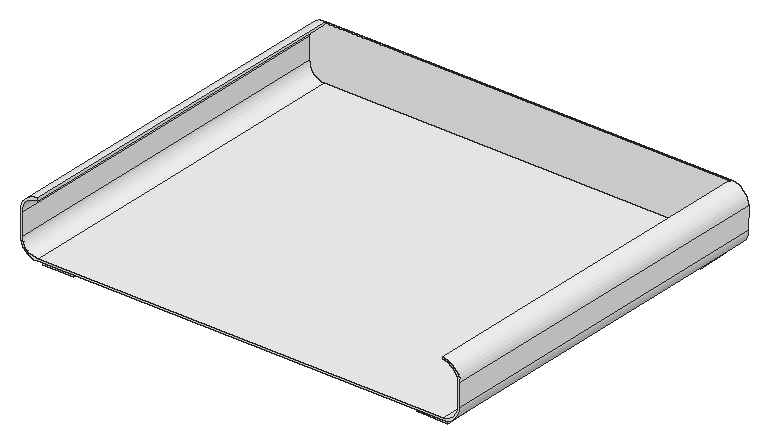
Revit family "Accessories-Teknion-JNAMT-Tray_Module-R2015", category Furniture, Revit 2015
Parameters (values of type "Letter")
  Warranty = "http://www.teknion.com/ca/papers/legal-canada"
  Unit Weight URL = "http://www.teknion.com/ca/tools/assets#&asset=bee6a381-b954-425e-8283-5a2de3a804f2,f828d448-4b62-4231-9e5f-9a8991c0ed77"
  URL = "www.teknion.com"
  Sustainability Data = "http://www.teknion.com/ca/tools/assets#&topic=216f99a5-57a0-44fc-b10a-9dee9b29ae4c&asset=444deb64-fe58-4b68-981e-f75e97781df7"
  Series = "Expansion Cityline"  # constant formula
  Product Page URL = "http://www.teknion.com/ca/products/product-details?productlineid=9ad2a26e-8e7a-673b-a6c8-ff05004460c4"
  Product Line = "Expansion Cityline"  # constant formula
  Product Documentation Link = "http://www.teknion.com/pricing/expansion-cityline/pdfs/JNAMT_ppg.pdf"
  Part Number = "JNAMT"  # constant formula
  Model = "JANMTL"  # constant formula
  Manufacturer Phone = "416-661-3370"  # constant formula
  Manufacturer Fax = "416.661.4586"  # constant formula
  Manufacturer Contact Information = "http://www.teknion.com/ca/contactus"
  Manufacturer Address = "1150 Flint Road, Toronto, ON. M3J 2J5. Canada"  # constant formula
  Manufacturer = "Teknion"  # constant formula
  Description = "Tray Module"  # constant formula
  Default Elevation = 48.000"
  Assembly Code = "E2020200"
  Accessory Finish [instance] = Mica - Teknion - V - Satin - Very White
Reference planes (in)
  plane 1 "Center Front/Back": y = 0
  plane 2: z = 0
  plane 3 "Center Left/Right": x = 0
  plane 4 "Left": x = -6.39764
  plane 5 "Right": x = 6.39764
  plane 6 "Back": y = 5.25
  plane 7 "Front": y = -5.25
  plane 8 "Top": z = 1.8189
  plane 9: x = -6.33858
  plane 10: x = 6.33858
  plane 11: z = 0.17717
  plane 12: z = 0.23622
  plane 13: y = 5.19094
Forms (in)
  Extrusion 1, solid, material "Mica - Teknion - V - Satin - Very White" <- "Accessory Finish"
    sketch origin (0, 0, 0) x (1, 0, 0) y (0, 0, 1)
      loop
        line (-6.39764, 1.3189) -> (-6.39764, 0.67717)
        arc (-6.39764, 0.67717) -> (-6.25119, 0.32361) -> (-5.89764, 0.17717) r 0.5
        line (-5.89764, 0.17717) -> (5.89764, 0.17717)
        arc (5.89764, 0.17717) -> (6.25119, 0.32361) -> (6.39764, 0.67717) r 0.5
        line (6.39764, 0.67717) -> (6.39764, 1.3189)
        arc (6.39764, 1.3189) -> (6.25119, 1.67245) -> (5.89764, 1.8189) r 0.5
        line (5.89764, 1.8189) -> (5.89764, 1.75984)
        arc (5.89764, 1.75984) -> (6.20943, 1.63069) -> (6.33858, 1.3189) r 0.44094
        line (6.33858, 1.3189) -> (6.33858, 0.67717)
        arc (6.33858, 0.67717) -> (6.20943, 0.36537) -> (5.89764, 0.23622) r 0.44094
        line (5.89764, 0.23622) -> (-5.89764, 0.23622)
        arc (-5.89764, 0.23622) -> (-6.20943, 0.36537) -> (-6.33858, 0.67717) r 0.44094
        line (-6.33858, 0.67717) -> (-6.33858, 1.3189)
        arc (-6.33858, 1.3189) -> (-6.20943, 1.63069) -> (-5.89764, 1.75984) r 0.44094
        line (-5.89764, 1.75984) -> (-5.89764, 1.8189)
        arc (-5.89764, 1.8189) -> (-6.25119, 1.67245) -> (-6.39764, 1.3189) r 0.5
    from -5.25 to 5.25
  Extrusion 2, solid, material "Mica - Teknion - V - Satin - Very White" <- "Accessory Finish"
    sketch origin (0, 0, 0) x (1, 0, 0) y (0, 1, 0)
      loop
        line (-5.89764, 5.05315) -> (-5.89764, 4.14764) -> (-4.99213, 4.14764) -> (-4.99213, 5.05315) -> (-5.89764, 5.05315)
      loop
        line (4.99213, 5.05315) -> (4.99213, 4.14764) -> (5.89764, 4.14764) -> (5.89764, 5.05315) -> (4.99213, 5.05315)
      loop
        line (4.99213, -4.14764) -> (4.99213, -5.05315) -> (5.89764, -5.05315) -> (5.89764, -4.14764) -> (4.99213, -4.14764)
      loop
        line (-5.89764, -4.14764) -> (-5.89764, -5.05315) -> (-4.99213, -5.05315) -> (-4.99213, -4.14764) -> (-5.89764, -4.14764)
    from 0 to 0.17717
  Extrusion 3, solid, material "Mica - Teknion - V - Satin - Very White" <- "Accessory Finish"
    sketch origin (-64.19161, 5.25, 48) x (-1, 0, 0) y (0, 0, 1)
      loop
        line (-70.08924, -46.1811) -> (-70.08924, -46.24016)
        arc (-70.08924, -46.24016) -> (-70.40104, -46.36931) -> (-70.53019, -46.6811) r 0.44094
        line (-70.53019, -46.6811) -> (-70.53019, -47.32283)
        arc (-70.53019, -47.32283) -> (-70.40104, -47.63463) -> (-70.08924, -47.76378) r 0.44094
        line (-70.08924, -47.76378) -> (-58.29397, -47.76378)
        arc (-58.29397, -47.76378) -> (-57.98217, -47.63463) -> (-57.85302, -47.32283) r 0.44094
        line (-57.85302, -47.32283) -> (-57.85302, -46.6811)
        arc (-57.85302, -46.6811) -> (-57.98217, -46.36931) -> (-58.29397, -46.24016) r 0.44094
        line (-58.29397, -46.24016) -> (-58.29397, -46.1811) -> (-70.08924, -46.1811)
    from -0.05906 to 0
Lines and regions (in)
  Masking region 1
    outline origin (0, 0, 0) x (1, 0, 0) y (0, 1, 0)
      loop
        line (-6.39764, 5.25) -> (-6.39764, -5.25) -> (6.39764, -5.25) -> (6.39764, 5.25) -> (-6.39764, 5.25)
  symbolic lines, style "FurnitureHiddenLines", detail levels fine
    curve 1: line (-5.89764, 4.14764, 0) -> (-4.99213, 4.14764, 0)
    curve 2: line (-4.99213, 4.14764, 0) -> (-4.99213, 5.05315, 0)
    curve 3: line (-4.99213, 5.05315, 0) -> (-5.89764, 5.05315, 0)
    curve 4: line (-5.89764, 5.05315, 0) -> (-5.89764, 4.14764, 0)
    curve 5: line (4.99213, 4.14764, 0) -> (5.89764, 4.14764, 0)
    curve 6: line (5.89764, 4.14764, 0) -> (5.89764, 5.05315, 0)
    curve 7: line (5.89764, 5.05315, 0) -> (4.99213, 5.05315, 0)
    curve 8: line (4.99213, 5.05315, 0) -> (4.99213, 4.14764, 0)
    curve 9: line (5.89764, -4.14764, 0) -> (4.99213, -4.14764, 0)
    curve 10: line (4.99213, -4.14764, 0) -> (4.99213, -5.05315, 0)
    curve 11: line (4.99213, -5.05315, 0) -> (5.89764, -5.05315, 0)
    curve 12: line (5.89764, -5.05315, 0) -> (5.89764, -4.14764, 0)
    curve 13: line (-4.99213, -4.14764, 0) -> (-5.89764, -4.14764, 0)
    curve 14: line (-5.89764, -4.14764, 0) -> (-5.89764, -5.05315, 0)
    curve 15: line (-5.89764, -5.05315, 0) -> (-4.99213, -5.05315, 0)
    curve 16: line (-4.99213, -5.05315, 0) -> (-4.99213, -4.14764, 0)
    curve 20: line (-6.33858, 5.19094, 0) -> (-6.33858, -5.25, 0)
    curve 21: line (6.33858, 5.19094, 0) -> (6.33858, -5.25, 0)
  symbolic lines, style "Furniture"
    curve 17: line (-5.89764, -5.25, 0) -> (-5.89764, 5.25, 0)
    curve 18: line (5.89764, 5.25, 0) -> (5.89764, -5.25, 0)
  symbolic lines, style "Furniture", detail levels medium+fine
    curve 19: line (-6.33858, 5.19094, 0) -> (6.33858, 5.19094, 0)
  symbolic lines, detail levels medium+fine
    curve 22: line (-6.33858, 5.25, 0) -> (-6.33858, 5.19094, 0)
    curve 23: line (6.33858, 5.25, 0) -> (6.33858, 5.19094, 0)
Dimensions and locks (in)
  locked: plane 4 "Left" to plane 5 "Right" at 12.79528
  locked: plane 6 "Back" to plane 7 "Front" at 10.5
  locked: plane 8 "Top" to level at 1.8189
  locked: plane 9 to plane 4 "Left" at 0.05906
  locked: plane 10 to plane 5 "Right" at 0.05906
  plane 12 to plane 11 to plane 2 = 0.05906" locked, 0.17717" locked
  locked: Extrusion 1 sketch curve to plane 5 "Right" at 0.5
  locked: Extrusion 1 sketch curve to plane 4 "Left" at 0.5
  equal spacing: Extrusion 1 sketch curve, Extrusion 1 sketch curve, Extrusion 1 sketch curve, Extrusion 1 sketch curve, plane 4 "Left"
  Extrusion 1 sketch curve to Extrusion 1 sketch curve to plane 11 = 0.000" locked, 0.500" locked  (x2)
  Extrusion 1 sketch curve to Extrusion 1 sketch curve to plane 4 "Left" = 0.000" locked, 0.500" locked
  Extrusion 1 sketch curve to Extrusion 1 sketch curve to plane 5 "Right" = 0.000" locked, 0.500" locked
  plane 6 "Back" to Extrusion 2 sketch curve to Extrusion 2 sketch curve = 0.19685" locked, 0.90551" locked  (x2)
  plane 4 "Left" to Extrusion 2 sketch curve to Extrusion 2 sketch curve = 0.500" locked, 0.90551" locked  (x2)
  plane 7 "Front" to Extrusion 2 sketch curve to Extrusion 2 sketch curve = 0.19685" locked, 0.90551" locked  (x2)
  Extrusion 2 sketch curve to Extrusion 2 sketch curve to plane 5 "Right" = 0.90551" locked, 0.500" locked  (x2)
  locked: plane 6 "Back" to plane 13 at 0.05906
  equal spacing: plane 6 "Back", plane 1 "Center Front/Back", plane 7 "Front"
  equal spacing: plane 4 "Left", plane 3 "Center Left/Right", plane 5 "Right"
  aligned and locked: level to plane 2
  aligned and locked: Extrusion 1 sketch curve to plane 4 "Left"
  aligned and locked: Extrusion 1 sketch curve to plane 9
  aligned and locked: Extrusion 1 sketch curve to plane 12
  aligned and locked: Extrusion 1 sketch curve to plane 11
  aligned and locked: plane 5 "Right" to Extrusion 1 sketch curve
  aligned and locked: plane 10 to Extrusion 1 sketch curve
  aligned and locked: Extrusion 1 to plane 6 "Back"
  aligned and locked: Extrusion 1 to plane 7 "Front"
  aligned and locked: plane 11 to Extrusion 2
  aligned and locked: Extrusion 2 to plane 2
  aligned and locked: Extrusion 3 sketch curve to plane 8 "Top"
  aligned and locked: Extrusion 3 sketch curve to Extrusion 1  (x6)
  aligned and locked: Extrusion 3 to plane 13
  aligned and locked: plane 6 "Back" to Extrusion 3
  aligned and locked: Masking region 1 sketch curve to plane 6 "Back"
  aligned and locked: Masking region 1 sketch curve to plane 4 "Left"
  aligned and locked: Masking region 1 sketch curve to plane 7 "Front"
  aligned and locked: Masking region 1 sketch curve to plane 5 "Right"
  aligned and locked: curve 1 to Extrusion 2
  aligned and locked: curve 2 to Extrusion 2
  aligned and locked: curve 3 to Extrusion 2
  aligned and locked: curve 4 to Extrusion 2
  aligned and locked: curve 5 to Extrusion 2
  aligned and locked: curve 6 to Extrusion 2
  aligned and locked: curve 7 to Extrusion 2
  aligned and locked: curve 8 to Extrusion 2
  aligned and locked: curve 9 to Extrusion 2
  aligned and locked: curve 10 to Extrusion 2
  aligned and locked: curve 11 to Extrusion 2
  aligned and locked: curve 12 to Extrusion 2
  aligned and locked: curve 13 to Extrusion 2
  aligned and locked: curve 14 to Extrusion 2
  aligned and locked: curve 15 to Extrusion 2
  aligned and locked: curve 16 to Extrusion 2
  aligned and locked: curve 17 to Extrusion 1
  aligned and locked: curve 18 to Extrusion 1
  aligned and locked: curve 19 to Extrusion 3
  aligned and locked: curve 20 to Extrusion 1
  aligned and locked: Extrusion 1 to curve 21
  aligned and locked: curve 22 to plane 9
  aligned and locked: Extrusion 3 to curve 22
  aligned and locked: curve 23 to Extrusion 3
  aligned and locked: curve 23 to Extrusion 1
Automatic sketch dimensions
  plane 7 "Front" to curve 18 = 0.000"
  plane 7 "Front" to curve 20 = 0.000"
  plane 7 "Front" to curve 21 = 0.000"
  plane 7 "Front" to curve 17 = 0.000"
  curve 17 to plane 6 "Back" = 0.000"
  curve 18 to plane 6 "Back" = 0.000"
  Extrusion 1 sketch curve to Extrusion 1 sketch curve = 0.000"  (x2)
  Extrusion 1 sketch curve to plane 8 "Top" = 0.000"  (x2)
